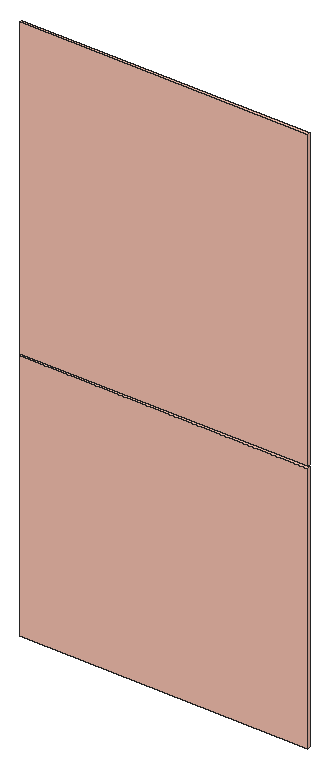
Revit family "EXP_WT-2_CPan-010", category Curtain Panels, Revit 2021
Family settings
  OmniClass Number = 23.25.20.14.11.11.17
  OmniClass Title = Infill Panels
  Always vertical = Yes
  Cut with Voids When Loaded = No
  Shared = No
Parameters (values of type "H2 = 7' 8 3/4"")
  UI-UnitNumber [instance] = "001"
  UI-Quadrant [instance] = "SE"
  UI-ProjectAbbreviation = "NEU"
  UI-ItemCategory = "PID"
  UI-FloorNumber [instance] = "03"
  PNT-WallType = "WT2"
  PNT-ProjectAbbreviation = "NEU"
  PNT-PanelType [instance] = "01"
  PNT-ItemCategory = "PNL"
  GlassSPH2(x2) [instance] = 0' - 1 1/8"
  GlassSPH1 [instance] = 0' - 1 1/8"
  GlassH2 [instance] = IG-2F(Glass)
  GlassH1 [instance] = IG-2F(Glass)
  Define Thermal Properties by = Schematic Type
  CellSp = 0' - 10 3/16"
  CellL [instance] = 8' - 10"
  CellH2 = 7' - 8 3/4"
  CellH1 [instance] = CellH - CellH2  # 9' - 1 1/4"
  CellH [instance] = 16' - 10"
  Analytic Construction = "<None>"
Reference planes (in)
  plane 1 "Center (Front/Back)": y = 0
  plane 2: z = 0
  plane 3 "Center (Left/Right)": x = 0
  plane 4 "Left": x = -53
  plane 5 "Right": x = 53
  plane 6 "Top": z = 202
  plane 7: z = 92.75
  plane 8: y = -10.1875
Forms (in)
  Extrusion 1, solid, material "IG-2F(Glass)" <- "GlassH2", detail levels coarse+medium
    sketch origin (0, 0, 0) x (0, 1, 0) y (0, 0, 1)
      loop
        line (-10.1875, 92.75) -> (-10.1875, 0) -> (0, 0) -> (0, 92.75) -> (-10.1875, 92.75)
    from -53 to 53
  Extrusion 2, solid, material "IG-2F(Glass)" <- "GlassH1", detail levels coarse+medium
    sketch origin (0, 0, 0) x (0, 1, 0) y (0, 0, 1)
      loop
        line (-10.1875, 202) -> (-10.1875, 92.75) -> (0, 92.75) -> (0, 202) -> (-10.1875, 202)
    from -53 to 53
Text (in)
  text "Exterior" at (-92.59733, 55.75508, 0), in view "Ref. Level"
  text "Exterior" at (0, 90.18664, 173.49264), in view "Left"
  text "Exterior" at (0, 52.29083, 162.21847), in view "Right"
Dimensions and locks (in)
  equal spacing: plane 4 "Left", plane 3 "Center (Left/Right)", plane 5 "Right"  (x2)
  "CellH2": plane 2 to plane 7
  "CellH1": plane 7 to plane 6 "Top"
  Extrusion 2 sketch curve to Extrusion 2 sketch curve = 0' - 10 3/16"
  "CellL": plane 4 "Left" to plane 5 "Right"
  "CellH": plane 2 to plane 6 "Top"
  "CellSp": plane 8 to plane 1 "Center (Front/Back)"
  aligned and locked: level to plane 2
  aligned and locked: Extrusion 1 sketch curve to plane 7
  aligned and locked: plane 8 to Extrusion 1 sketch curve
  aligned and locked: level to Extrusion 1 sketch curve
  aligned and locked: plane 1 "Center (Front/Back)" to Extrusion 1 sketch curve
  aligned and locked: plane 4 "Left" to Extrusion 1
  aligned and locked: Extrusion 1 to plane 5 "Right"
  aligned and locked: plane 6 "Top" to Extrusion 2 sketch curve
  aligned and locked: plane 8 to Extrusion 2 sketch curve
  aligned and locked: Extrusion 2 to plane 5 "Right"
  aligned and locked: plane 4 "Left" to Extrusion 2
  aligned and locked: Extrusion 2 to plane 1 "Center (Front/Back)"
  aligned and locked: plane 1 "Center (Front/Back)" to nested 1
  aligned and locked: plane 5 "Right" to nested 1
  aligned and locked: plane 4 "Left" to nested 1
  aligned and locked: plane 1 "Center (Front/Back)" to nested 2
  aligned and locked: plane 7 to nested 2
  aligned and locked: plane 2 to nested 2
  aligned and locked: plane 5 "Right" to nested 2
  aligned and locked: plane 4 "Left" to nested 2
  aligned and locked: plane 1 "Center (Front/Back)" to nested 3
  aligned and locked: nested 3 to plane 6 "Top"
  aligned and locked: plane 7 to nested 3
  aligned and locked: plane 4 "Left" to nested 3
  aligned and locked: plane 5 "Right" to nested 3
Automatic sketch dimensions
  Extrusion 2 sketch curve to plane 7 = 0' - 0"
Nested families (in)
  nested 1: "EXP_xx_DetO-002" at (0, 0, 0), CellH <- "CellH", CellL <- "CellL", type "EXP_xx_DetO-002", detail levels coarse
    with CellL 8' - 10", CellH 16' - 10"
  nested 2: "EXP_WT-1x_IG-001" at (0, 0, 46.375), MaterialGlass <- "GlassH2", GlassSP <- "GlassSPH2(x2)", type "GlassSP = H2(x2)", detail levels fine
    with MaterialGlass IG-2F(Glass), GlassSP 0' - 1 1/8", GlassL 8' - 8.12598", GlassH 7' - 6.81299", CellL 8' - 10", CellH 7' - 8 3/4"
  nested 3: "EXP_WT-1x_IG-001" at (0, 0, 147.375), MaterialGlass <- "GlassH1", GlassSP <- "GlassSPH1", type "GlassSP = H1", detail levels fine
    with MaterialGlass IG-2F(Glass), GlassSP 0' - 1 1/8", GlassL 8' - 8.12549", GlassH 8' - 11 9/16", CellL 8' - 10", CellH 9' - 1 1/4"
Definition of nested family "EXP_WT-1x_IG-001"
  Parameters (values of type "H2 _ GlassSP = 1 1/4"")
    MaterialGlass [instance] = none
    GlassSP [instance] = 0' - 1 1/4"
    GlassL [instance] = CellL - (GlassD1 + GlassD3)  # 3' - 10.94439"
    GlassH [instance] = CellH - (GlassD2 + GlassD4)  # 6' - 6.64788"
    GlassD4 = 0' - 1.43701"
    GlassD3 = 0' - 0.93701"
    GlassD2 = 0' - 0 1/2"
    GlassD1 = 0' - 0 15/16"
    GMPI-ProjectAbbreviation = "NEU"
    GMPI-IteamCategory = "GLS"
    Default Elevation = 0' - 0"
    CellL [instance] = 4' - 0.8189"
    CellH [instance] = 6' - 8.58489"
  Types (12): name | GlassSP | GlassL | GlassH | GlassD4 | GlassD2 | GlassD1
    H2(x2) _ GlassSP = 2 1/8" | 0' - 2.12598" | 3' - 10.94488" | 6' - 6.64788" | 0' - 1.43701" | 0' - 0 1/2" | 0' - 0.93701"
    H1 _ GlassSP = 1 1/4" | 0' - 1 1/4" | 3' - 10.94439" | 6' - 6.89739" | 0' - 0 1/4" | 0' - 1 7/16" | 0' - 0 15/16"
    H2(x3) _ GlassSP = 2 1/8" | 0' - 2.12598" | 3' - 10.94488" | 6' - 7.83489" | 0' - 0 1/4" | 0' - 0 1/2" | 0' - 0.93701"
    H3 _ GlassSP = 1 1/4" | 0' - 1 1/4" | 3' - 10.94439" | 6' - 6.64788" | 0' - 1.43701" | 0' - 0 1/2" | 0' - 0 15/16"
    H _ GlassSP = 2 1/8" | 0' - 2.12598" | 3' - 10.94488" | 6' - 5.71088" | 0' - 1.43701" | 0' - 1.43701" | 0' - 0.93701"
    H _ GlassSP = 1 1/4" | 0' - 1 1/4" | 3' - 10.94439" | 6' - 5.71088" | 0' - 1.43701" | 0' - 1.43701" | 0' - 0 15/16"
    H2 _ GlassSP = 1 1/4" | 0' - 1 1/4" | 3' - 10.94439" | 6' - 6.64788" | 0' - 1.43701" | 0' - 0 1/2" | 0' - 0 15/16"
    GlassSP = H | 0' - 1 1/4" | 3' - 10.94439" | 6' - 5.71088" | 0' - 1.43701" | 0' - 1.43701" | 0' - 0 15/16"
    GlassSP = H3 | 0' - 1 1/4" | 3' - 10.94439" | 6' - 6.64788" | 0' - 1.43701" | 0' - 0 1/2" | 0' - 0 15/16"
    GlassSP = H2(x3) | 0' - 2.12598" | 3' - 10.94488" | 6' - 7.83489" | 0' - 0 1/4" | 0' - 0 1/2" | 0' - 0.93701"
    GlassSP = H2(x2) | 0' - 2.12598" | 3' - 10.94488" | 6' - 6.64788" | 0' - 1.43701" | 0' - 0 1/2" | 0' - 0.93701"
    GlassSP = H1 | 0' - 1 1/4" | 3' - 10.94439" | 6' - 6.89739" | 0' - 0 1/4" | 0' - 1 7/16" | 0' - 0 15/16"
  Reference planes (in)
    plane 1 "Center (Front/Back)": y = 0
    plane 2: z = 0
    plane 3 "Center (Left/Right)": x = 0
    plane 4: x = -24.40945
    plane 5: x = 24.40945
    plane 6: z = 40.29245
    plane 7: x = -23.47195
    plane 8: x = 23.47244
    plane 9: z = -40.29245
    plane 10: z = 39.79245
    plane 11: z = -38.85544
  Forms (in)
    Extrusion 1, solid, material <- "MaterialGlass"
      sketch origin (0, 0, 0) x (1, 0, 0) y (0, 0, 1)
        loop
          line (-23.47195, -38.85544) -> (23.47244, -38.85544) -> (23.47244, 39.79245) -> (-23.47195, 39.79245) -> (-23.47195, -38.85544)
      from 0 to 1.25 <- "GlassSP"
  Dimensions and locks (in)
    equal spacing: plane 6, level, plane 9
    "CellH": plane 6 to plane 9
    "GlassD2": plane 6 to plane 10
    "GlassD4": plane 11 to plane 9
    equal spacing: plane 4, plane 3 "Center (Left/Right)", plane 5
    "CellL": plane 4 to plane 5
    "GlassD1": plane 4 to plane 7
    "GlassD3": plane 5 to plane 8
    aligned and locked: level to plane 2
    aligned and locked: Extrusion 1 sketch curve to plane 11
    aligned and locked: Extrusion 1 sketch curve to plane 7
    aligned and locked: plane 10 to Extrusion 1 sketch curve
    aligned and locked: plane 8 to Extrusion 1 sketch curve
Definition of nested family "EXP_xx_DetO-002"
  Parameters (values of type "EXP_xx_DetO-002")
    Default Elevation = 0' - 0"
    CellL [instance] = 5' - 4.56693"
    CellH [instance] = 5' - 2.99213"
  Reference planes (in)
    plane 1 "Center (Front/Back)": y = 0
    plane 2: z = 0
    plane 3 "Center (Left/Right)": x = 0
    plane 4: x = -32.28346
    plane 5: x = 32.28346
    plane 6: z = 62.99213
  Lines and regions (in)
    model lines
      curve 1: line (-32.28346, 0, 62.99213) -> (32.28346, 0, 0)
      curve 2: line (32.28346, 0, 62.99213) -> (-32.28346, 0, 0)
  Dimensions and locks (in)
    "CellH": plane 6 to level
    equal spacing: plane 4, plane 3 "Center (Left/Right)", plane 5
    "CellL": plane 4 to plane 5
    aligned and locked: level to plane 2
  Automatic sketch dimensions
    curve 2 to level = 0' - 0"
    plane 4 to curve 2 = 0' - 0"
    plane 4 to curve 1 = 0' - 0"
    plane 5 to curve 2 = 0' - 0"
    curve 1 to level = 0' - 0"
    plane 5 to curve 1 = 0' - 0"
    curve 2 to plane 6 = 0' - 0"
    curve 1 to plane 6 = 0' - 0"
